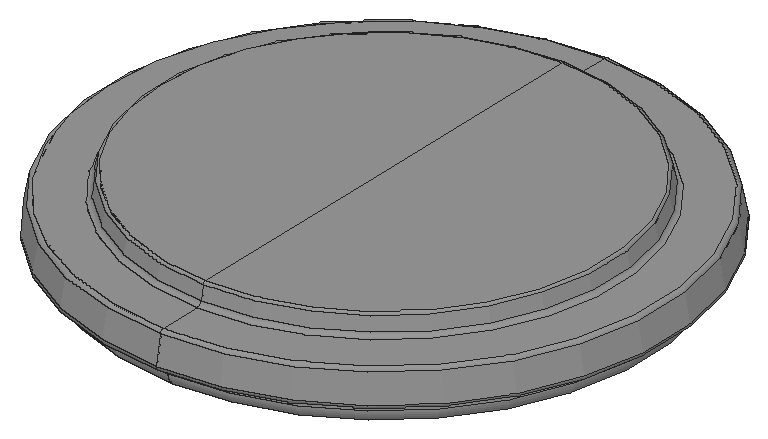
Revit family "FMK12_63_UN_Surface-mounted_ETK", category Lighting Fixtures, Revit 2017 (continued)
Definition of nested family "FMK.1 - Lightsource"
  Types (13, lengths in mm): name | Wattage Comments | Photometric Web File | built-in parameter 1150142 | Apparent Load
      3384\t405.5595\t405.017\t403.9123\t402.4111\t400.3595\t397.8451\t394.7084\t391.0909\t387.0552\r\n382.4227\t377.3501\t371.7125\t365.6289\t359.0797\t352.0101\t344.5153\t336.5336\t328.0834\t319.186\r\n310.0492\t300.3991\t290.6808\t280.0535\t269.1382\t257.6606\t245.9715\t234.0356\t221.994\t209.6474\r\n197.1639\t184.5242\t171.8904\t158.2648\t144.4077\t130.6839\t117.093\t103.3426\t89.5213\t76.4321\r\n62.9064\t50.3095\t38.9022\t28.6824\t0\t0\r\n405.3384\t405.5619\t405.0308\t404.1037\t402.4481\t400.3826\t397.8529\t394.7029\t391.0716\t386.9514\r\n382.295\t377.2986\t371.6562\t365.6032\t359.0556\t351.9937\t344.5103\t336.584\t328.1776\t319.3532\r\n310.0974\t300.3356\t290.3174\t279.8488\t269.1115\t258.1537\t246.5385\t234.5863\t222.1937\t209.6472\r\n196.9332\t184.0086\t170.9271\t157.807\t144.7993\t131.1715\t116.9912\t103.0076\t89.4388\t75.7848\r\n62.8691\t50.2334\t38.592\t27.1196\t0\t0\r\n405.3384\t405.5633\t405.0407\t404.1312\t402.6392\t400.4187\t397.881\t394.7292\t391.0895\t386.9644\r\n382.2746\t377.1648\t371.4996\t365.4693\t358.9878\t351.9131\t344.4464\t336.5353\t328.1318\t319.3478\r\n310.1011\t300.4485\t290.394\t279.9618\t269.1603\t257.9107\t246.3524\t234.5985\t222.4284\t210.1088\r\n197.3969\t184.1969\t170.8703\t157.4428\t143.9608\t130.43\t116.9468\t103.5478\t89.3098\t75.5778\r\n62.4619\t50.0702\t38.7502\t24.5387\t1.901\t0\r\n405.3384\t405.5636\t405.0466\t404.1492\t402.6681\t400.5955\t398.0664\t394.9307\t391.1454\t387.0248\r\n382.3139\t377.1828\t371.4901\t365.4554\t358.8567\t351.7264\t344.248\t336.3296\t327.9212\t319.2201\r\n309.9694\t300.3191\t290.2888\t279.8993\t269.135\t258.007\t246.5323\t234.736\t222.5462\t210.0919\r\n197.3723\t184.3271\t171.1345\t157.7225\t144.2137\t130.4595\t116.5463\t102.7293\t88.9906\t75.6756\r\n62.4842\t49.7099\t38.4108\t19.5388\t9.0852\t0\r\n405.3384\t405.5627\t405.0483\t404.1575\t402.6822\t400.6129\t398.0939\t394.9827\t391.3659\t387.2691\r\n382.55\t377.4142\t371.7081\t365.686\t358.9237\t351.7483\t344.2571\t336.3046\t327.8656\t319.0519\r\n309.7319\t300.073\t290.0393\t279.6352\t268.8689\t257.7186\t246.2608\t234.4573\t222.2884\t210.0107\r\n197.2602\t184.3582\t171.2221\t157.8358\t144.2992\t130.7043\t116.8944\t103.0094\t89.1137\t75.4482\r\n62.0725\t49.5077\t38.5681\t16.4085\t6.3848\t0\r\n405.3384\t405.5608\t405.0458\t404.1562\t402.6815\t400.6096\t398.0931\t394.9913\t391.3746\t387.2895\r\n382.5726\t377.4458\t371.7456\t365.7409\t359.116\t351.9176\t344.4382\t336.4672\t328.028\t319.2025\r\n309.8386\t300.1705\t290.1395\t279.7338\t268.942\t257.7639\t246.2815\t234.4244\t222.1929\t209.9028\r\n196.969\t184.0235\t170.8906\t157.4183\t143.9226\t130.2982\t116.5333\t102.7217\t88.9801\t75.3324\r\n62.0708\t49.4881\t37.8886\t16.6443\t6.3206\t4.5649\r\n405.3384\t405.5579\t405.0392\t404.1453\t402.6658\t400.5861\t398.064\t394.9565\t391.3223\t387.2272\r\n382.4989\t377.367\t371.656\t365.6345\t358.8616\t351.6754\t344.1767\t336.2087\t327.7721\t318.9511\r\n309.6246\t299.9461\t289.9153\t279.5013\t268.7141\t257.5244\t246.0492\t234.2476\t222.0584\t209.8057\r\n197.0631\t184.1389\t170.9819\t157.6062\t144.0805\t130.4305\t116.7655\t102.8872\t88.9857\t75.3165\r\n61.9974\t49.5022\t38.5004\t19.5133\t10.1573\t0\r\n405.3384\t405.5537\t405.0285\t404.1246\t402.6354\t400.5421\t398.006\t394.879\t391.057\t386.9398\r\n382.2102\t377.0886\t371.3854\t365.3521\t358.7336\t351.5762\t344.0881\t336.1427\t327.7345\t319.0228\r\n309.7484\t300.0828\t290.0448\t279.6173\t268.8275\t257.6208\t246.1171\t234.3028\t222.0743\t209.66\r\n196.8854\t183.8167\t170.5486\t157.0989\t143.5804\t129.9288\t116.1512\t102.4281\t88.8066\t75.5773\r\n62.493\t49.7093\t38.2595\t25.0307\t14.9589\t0\r\n405.3384\t405.5487\t405.0137\t404.0945\t402.5903\t400.3393\t397.7919\t394.6519\t390.9587\t386.8388\r\n382.1207\t377.0237\t371.3413\t365.3181\t358.8128\t351.6794\t344.2118\t336.2599\t327.8486\t319.0383\r\n309.7477\t300.0564\t289.9668\t279.4805\t268.6528\t257.2839\t245.7289\t233.9178\t221.7092\t209.3665\r\n196.5454\t183.3687\t170.0181\t156.5779\t143.1684\t129.7197\t116.3848\t103.1589\t88.9988\t75.3396\r\n62.3046\t50.0937\t38.8254\t28.0997\t2.873\t0\r\n405.3384\t405.5424\t404.9947\t404.055\t402.3835\t400.2776\t397.7298\t394.604\t390.8997\t386.7863\r\n382.0919\t377.1147\t371.4463\t365.407\t358.8101\t351.6735\t344.1847\t336.2129\t327.7678\t318.9134\r\n309.5687\t299.7567\t289.6031\t279.1338\t268.3599\t257.1899\t245.6509\t233.7994\t221.2737\t208.667\r\n195.8953\t182.9771\t169.8766\t156.7282\t143.8338\t130.2381\t116.1827\t102.4101\t88.9484\t75.4168\r\n62.7296\t50.3091\t39.1414\t29.704\t0\t0\r\n405.3384\t405.5351\t404.9716\t403.8532\t402.3311\t400.2301\t397.6855\t394.5908\t390.8787\t386.8617\r\n382.175\t377.112\t371.4367\t365.3594\t358.743\t351.6058\t344.0956\t336.0642\t327.5154\t318.5932\r\n309.2834\t299.6126\t289.6216\t279.1214\t268.1429\t256.518\t244.9018\t233.0679\t220.8676\t208.4546\r\n195.9224\t183.2678\t170.6349\t156.9081\t143.1149\t129.4264\t115.9638\t102.4748\t88.9243\t76.0325\r\n62.7599\t50.5163\t39.7576\t30.4051\t0\t0\r\n405.3384\t405.5268\t404.9446\t403.805\t402.2873\t400.1964\t397.6585\t394.6138\t390.9631\t386.846\r\n382.1518\t377.0764\t371.382\t365.2552\t358.5991\t351.4668\t343.8615\t335.8105\t327.4306\t318.7174\r\n309.3728\t299.5147\t288.9811\t278.3636\t267.4085\t256.1152\t244.6556\t232.9217\t220.9954\t208.7993\r\n196.6284\t183.2571\t169.7766\t156.2175\t142.8009\t129.5874\t115.8561\t102.4694\t89.5373\t75.801\r\n62.8374\t50.9146\t40.2047\t6.0894\t0\t0\r\n405.3384\t405.5175\t404.9137\t403.7611\t402.2519\t400.1761\t397.6486\t394.7553\t390.9488\t386.789\r\n382.1121\t377.0119\t371.2861\t365.1175\t358.3294\t351.2537\t343.813\t335.977\t327.5604\t318.4278\r\n308.6974\t298.7546\t288.5068\t277.9956\t267.1616\t256.1159\t244.8144\t233.2945\t221.7169\t208.8064\r\n195.7188\t182.5554\t169.3922\t156.2082\t142.9406\t129.1804\t115.9091\t102.9762\t89.1253\t75.8369\r\n63.1021\t51.3207\t40.5082\t0\t0\t0\r\n405.3384\t405.5071\t404.732\t403.7215\t402.2248\t400.1686\t397.7338\t394.8479\t390.8965\t386.7357\r\n382.0539\t376.9054\t371.1484\t364.8842\t358.2241\t351.4508\t343.9783\t335.7216\t326.8896\t317.6788\r\n308.2461\t298.3973\t288.3086\t277.939\t267.2925\t256.4485\t245.5245\t233.6216\t220.7985\t208.0817\r\n195.2276\t182.3754\t169.6036\t156.0708\t142.5048\t129.2499\t116.3261\t102.426\t89.0803\t75.9582\r\n63.4055\t51.6359\t45.2068\t0\t0\t0\r\n405.3384\t405.4958\t404.7008\t403.6862\t402.2055\t400.2642\t397.7241\t394.865\t390.8568\t386.6659\r\n381.976\t376.6726\t370.9429\t364.8366\t358.4087\t351.334\t343.5563\t334.9914\t326.3919\t317.3169\r\n308.0073\t298.2976\t288.3747\t278.1618\t267.7576\t257.0033\t244.8286\t232.6273\t220.2623\t207.8032\r\n195.2499\t182.6548\t169.1292\t155.7437\t142.619\t129.6789\t115.7028\t102.2394\t89.062\t76.0071\r\n63.5996\t51.8486\t11.6838\t0\t0\t0\r\n405.3384\t405.4834\t404.6711\t403.6553\t402.1936\t400.258\t397.6979\t394.8548\t390.809\t386.5801\r\n381.7953\t376.5628\t370.9021\t365.0558\t358.2517\t350.708\t342.8497\t334.6091\t326.0741\t317.1853\r\n307.9783\t298.4528\t288.6922\t278.8691\t267.9516\t256.0449\t244.1901\t232.1682\t220.074\t207.8676\r\n195.4583\t182.0264\t168.8523\t155.8456\t142.9997\t129.0282\t115.4645\t102.3448\t88.8812\t76.0111\r\n63.697\t51.9403\t0\t0\t0\t0\r\n405.3384\t405.4702\t404.6431\t403.6287\t402.2832\t400.2467\t397.6616\t394.8126\t390.7531\t386.4813\r\n381.7031\t376.5033\t371.0899\t364.866\t357.6417\t350.2384\t342.4952\t334.4178\t325.9215\t317.2094\r\n308.1434\t298.8419\t289.3001\t278.281\t266.9656\t255.5234\t243.8676\t232.0908\t220.4035\t207.9609\r\n194.7531\t181.8051\t168.927\t156.2326\t142.3126\t128.7065\t115.4865\t101.9757\t88.7309\t76.0048\r\n63.7421\t56.6766\t0\t0\t0\t0\r\n405.3384\t405.4561\t404.6167\t403.6076\t402.2769\t400.2274\t397.6166\t394.7349\t390.6867\t386.33\r\n381.656\t376.7279\t370.9169\t364.2502\t357.2389\t349.8681\t342.264\t334.3087\t325.9477\t317.3662\r\n308.4811\t299.3487\t288.5326\t277.6229\t266.5022\t255.2499\t243.8518\t232.5118\t220.0293\t207.2658\r\n194.5118\t181.8749\t169.3599\t155.551\t141.9034\t128.5853\t115.2093\t101.7082\t88.6305\t75.9892\r\n63.7506\t34.8823\t0\t0\t0\t0\r\n405.3384\t405.441\t404.5919\t403.5925\t402.2647\t400.2005\t397.5636\t394.6195\t390.511\t386.2918\r\n381.8682\t376.6329\t370.3868\t363.8318\t356.9304\t349.652\t342.1589\t334.2951\t326.1382\t317.7058\r\n308.9338\t298.5236\t287.9506\t277.1892\t266.2979\t255.2333\t244.3108\t232.0843\t219.5682\t206.9936\r\n194.5653\t182.2533\t168.7385\t155.1122\t141.7148\t128.5532\t114.8199\t101.4796\t88.5326\t75.9589\r\n63.7436\t0\t0\t0\t0\t0\r\n405.3384\t405.4251\t404.5685\t403.5817\t402.2465\t400.1668\t397.508\t394.4112\t390.4413\t386.2913\r\n381.8067\t376.4311\t370.0062\t363.505\t356.7156\t349.5603\t342.1638\t334.4401\t326.4674\t318.1326\r\n308.1103\t297.9214\t287.5762\t277.012\t266.3002\t255.6656\t243.832\t231.5923\t219.2864\t207.014\r\n194.9442\t181.7689\t168.1866\t154.8828\t141.8181\t128.0517\t114.4929\t101.2468\t88.4031\t75.8633\r\n69.485\t0\t0\t0\t0\t0\r\n405.3384\t405.2485\t404.5335\t403.6645\t402.2224\t400.1255\t397.475\t394.1709\t390.3989\t386.5385\r\n381.6223\t375.8443\t369.6864\t363.2614\t356.5777\t349.5494\t342.2587\t334.7322\t326.9154\t317.3685\r\n307.5367\t297.5489\t287.3558\t277.0195\t266.7127\t255.5088\t243.294\t231.2722\t219.2355\t207.2358\r\n194.7953\t181.1626\t167.9131\t154.7557\t141.4371\t127.7042\t114.2298\t101.0851\t88.2593\t75.7374\r\n52.566\t0\t0\t0\t0\t0\r\n405.3384\t405.2313\t404.5149\t403.6585\t402.1924\t400.0874\t397.4062\t394.0524\t390.3827\t386.4783\r\n381.347\t375.4965\t369.4174\t363.101\t356.5087\t349.625\t342.4702\t335.2626\t326.2434\t316.8153\r\n307.1624\t297.3178\t287.3215\t277.1874\t266.6991\t254.7569\t242.9726\t231.1253\t219.3601\t207.4539\r\n194.0571\t180.8106\t167.6988\t154.8237\t140.9526\t127.3463\t114.024\t100.9381\t88.1442\t75.6199\r\n8.3292\t0\t0\t0\t0\t0\r\n405.3384\t405.2143\t404.4979\t403.65\t402.1564\t400.0372\t397.3255\t393.9625\t390.6129\t386.3063\r\n380.8286\t375.1745\t369.2361\t363.0129\t356.5201\t349.7807\t343.0483\t335.0507\t325.7043\t316.3858\r\n306.914\t297.2339\t287.4377\t277.4576\t265.9553\t254.3844\t242.7811\t231.1938\t219.6917\t206.6946\r\n193.5598\t180.5774\t167.6861\t154.2617\t140.5223\t127.0588\t113.7914\t100.7972\t88.0366\t83.4326\r\n0\t0\t0\t0\t0\t0\r\n405.3384\t405.1978\t404.4825\t403.6384\t402.0911\t399.9817\t397.1408\t393.8852\t390.547\t386.0015\r\n380.5505\t374.9336\t369.1354\t362.9788\t356.6063\t350.0031\t343.0514\t334.2028\t325.2569\t316.0815\r\n306.771\t297.3248\t287.8218\t276.8308\t265.4808\t254.1562\t242.7619\t231.3645\t219.1669\t206.151\r\n193.2513\t180.4127\t167.6455\t153.7701\t140.1673\t126.7721\t113.5971\t100.6559\t87.9035\t73.2104\r\n0\t0\t0\t0\t0\t0\r\n405.3384\t405.1816\t404.4685\t403.6236\t402.0462\t399.9218\t397.0406\t393.8449\t390.4197\t385.4588\r\n380.303\t374.7523\t369.0481\t362.9941\t356.7556\t350.4899\t342.3766\t333.7323\t324.91\t315.93\r\n306.7423\t297.7012\t287.638\t276.3403\t265.2041\t254.0066\t242.8588\t231.5472\t218.5675\t205.791\r\n193.0312\t180.5339\t166.992\t153.2951\t139.8329\t126.5198\t113.4096\t100.488\t87.7644\t50.183\r\n0\t0\t0\t0\t0\t0\r\n405.3384\t405.1658\t404.4556\t403.605\t402.0047\t399.8587\t396.9678\t394.0484\t390.2485\t385.1764\r\n380.0833\t374.6292\t368.9744\t363.0772\t356.9562\t350.3807\t341.8775\t333.354\t324.6587\t315.8276\r\n306.8408\t297.6991\t286.865\t275.9921\t265.0466\t254.0282\t243.181\t230.8144\t218.1129\t205.4704\r\n192.95\t180.3241\t166.4787\t152.9016\t139.4897\t126.2465\t113.2069\t100.3244\t87.5932\t7.0091\r\n0\t0\t0\t0\t0\t0\r\n405.3384\t405.1736\t404.4436\t403.5723\t401.9608\t399.8075\t396.909\t394.0477\t390.0041\t384.9479\r\n379.8834\t374.551\t368.9703\t363.21\t357.4063\t349.6805\t341.4574\t333.0643\t324.521\t315.8139\r\n307.234\t297.0694\t286.4243\t275.712\t264.9568\t254.1683\t243.0001\t230.2308\t217.7563\t205.2779\r\n193.0318\t179.6139\t166.0256\t152.5274\t139.1851\t126.0071\t112.9942\t100.1243\t93.9816\t0\r\n0\t0\t0\t0\t0\t0\r\n405.3384\t405.1582\t404.4323\t403.5458\t401.9186\t399.7372\t396.864\t393.9692\t389.4676\t384.7303\r\n379.7002\t374.4837\t369.0179\t363.3474\t357.309\t349.2254\t341.1152\t332.8524\t324.4403\t315.899\r\n307.1158\t296.6023\t286.0655\t275.5201\t264.9227\t254.484\t242.2719\t229.8418\t217.4461\t205.1551\r\n192.8003\t179.0668\t165.548\t152.1467\t138.9029\t125.7703\t112.7705\t99.923\t81.4643\t0\r\n0\t0\t0\t0\t0\t0\r\n405.3384\t405.1427\t404.4215\t403.5172\t401.8789\t399.5738\t396.8307\t393.84\t389.2108\t384.5347\r\n379.5711\t374.4387\t369.0911\t363.8155\t356.9853\t348.8325\t340.836\t332.7132\t324.4347\t316.2659\r\n306.469\t296.1791\t285.8331\t275.4029\t264.9879\t254.1807\t241.7605\t229.4924\t217.282\t205.2627\r\n192.1131\t178.5645\t165.1154\t151.7836\t138.585\t125.5095\t112.5563\t99.7128\t60.9146\t0\r\n0\t0\t0\t0\t0\t0\r\n405.3384\t405.1268\t404.411\t403.4869\t401.8689\t399.5039\t396.8145\t393.6447\t388.9954\t384.3538\r\n379.4857\t374.4179\t369.1782\t363.8193\t356.2567\t348.5043\t340.6114\t332.606\t324.4985\t316.1813\r\n306.0112\t295.8319\t285.6355\t275.3934\t265.2495\t253.4097\t241.2878\t229.2124\t217.1097\t205.0994\r\n191.5675\t178.0818\t164.7012\t151.456\t138.2911\t125.2321\t112.3059\t99.4762\t16.2983\t0\r\n0\t0\t0\t0\t0\t0\r\n405.3384\t405.1108\t404.4903\t403.4555\t401.8237\t399.4103\t397.0305\t393.4442\t388.8336\t384.1754\r\n379.4075\t374.43\t369.2737\t363.6191\t355.8892\t348.234\t340.4491\t332.5491\t324.8276\t315.8567\r\n305.6102\t295.5819\t285.4934\t275.413\t265.0581\t252.9031\t240.9149\t228.9525\t217.0191\t204.6975\r\n191.0128\t177.6397\t164.3329\t151.1167\t137.9969\t124.9687\t112.062\t107.5917\t0.7007\t0\r\n0\t0\t0\t0\t0\t0\r\n405.3384\t405.0944\t404.4708\t403.4232\t401.771\t399.3535\t397.0169\t393.0022\t388.6496\t384.0408\r\n379.3374\t374.4627\t369.6852\t362.9627\t355.5698\t348.0061\t340.3388\t332.5584\t324.7942\t315.1398\r\n305.2951\t295.3698\t285.4247\t275.6825\t264.3367\t252.5037\t240.6145\t228.7679\t217.1002\t203.9238\r\n190.5367\t177.2097\t163.9532\t150.792\t137.717\t124.7302\t111.8063\t98.8725\t0\t0\r\n0\t0\t0\t0\t0\t0\r\n405.3384\t405.0776\t404.4545\t403.3908\t401.7101\t399.3099\t396.9567\t392.7976\t388.4495\t383.9609\r\n379.2847\t374.4998\t369.6843\t362.5741\t355.27\t347.8284\t340.249\t332.6102\t324.5858\t314.7295\r\n304.9935\t295.2193\t285.3785\t275.5735\t263.8563\t252.1042\t240.3755\t228.643\t216.8475\t203.3823\r\n190.0477\t176.7881\t163.6007\t150.4803\t137.4402\t124.4543\t111.5517\t85.0694\t0\t0\r\n0\t0\t0\t0\t0\t0\r\n405.3384\t405.0604\t404.4375\t403.3708\t401.6143\t399.2784\t396.8678\t392.6205\t388.286\t383.8712\r\n379.2482\t374.5384\t369.5416\t362.2694\t354.9882\t347.6747\t340.2311\t332.9204\t323.9709\t314.3815\r\n304.7666\t295.0886\t285.3921\t275.2484\t263.399\t251.7743\t240.1515\t228.5226\t216.4169\t202.8894\r\n189.6152\t176.4056\t163.2526\t150.1706\t137.1488\t124.1833\t111.2847\t67.3012\t0\t0\r\n0\t0\t0\t0\t0\t0\r\n405.3384\t405.0427\t404.4198\t403.3318\t401.5423\t399.2809\t396.7363\t392.489\t388.1443\t383.7593\r\n379.2585\t374.6007\t369.2833\t361.9708\t354.796\t347.5124\t340.2151\t332.8981\t323.5654\t314.0775\r\n304.5571\t295.0196\t285.6448\t274.5513\t263.0117\t251.4537\t239.942\t228.6113\t215.6596\t202.3901\r\n189.1856\t176.0419\t162.932\t149.883\t136.8857\t123.9284\t122.8764\t24.0819\t0\t0\r\n0\t0\t0\t0\t0\t0\r\n405.3384\t405.0244\t404.402\t403.293\t401.4733\t399.2445\t396.6121\t392.3366\t388.0271\t383.6686\r\n379.2507\t374.9702\t368.6448\t361.6732\t354.6081\t347.4237\t340.1562\t332.7313\t323.2268\t313.8119\r\n304.3844\t294.9379\t285.5233\t274.1363\t262.6612\t251.2131\t239.7592\t228.325\t215.0958\t201.9145\r\n188.7725\t175.6617\t162.5822\t149.5668\t136.5956\t123.6688\t120.5677\t9.957\t0\t0\r\n0\t0\t0\t0\t0\t0\r\n405.3384\t405.0054\t404.384\t403.2512\t401.3208\t399.1951\t396.4819\t392.1762\t387.9514\t383.5908\r\n379.2078\t374.9606\t368.3521\t361.3828\t354.4067\t347.3472\t340.1951\t332.3855\t322.9143\t313.5971\r\n304.2281\t294.8631\t285.2223\t273.7182\t262.3605\t251.0007\t239.6319\t227.9627\t214.5968\t201.4525\r\n188.3381\t175.2686\t162.2411\t149.2486\t136.2977\t123.3792\t114.9625\t0\t0\t0\r\n0\t0\t0\t0\t0\t0\r\n405.3384\t404.9858\t404.3663\t403.2062\t401.2807\t399.3352\t396.3671\t391.9995\t387.8556\t383.5414\r\n379.1954\t374.8369\t368.0781\t361.1669\t354.2081\t347.2392\t340.4601\t331.7946\t322.572\t313.375\r\n304.1344\t294.8515\t284.8364\t273.3137\t262.0496\t250.7828\t239.7394\t227.2719\t214.143\t201.0284\r\n187.957\t174.9188\t161.9031\t148.9358\t135.9942\t123.0935\t106.9167\t0\t0\t0\r\n0\t0\t0\t0\t0\t0\r\n405.3384\t404.9657\t404.3491\t403.137\t401.2259\t399.2718\t396.1988\t391.8626\t387.7249\t383.5318\r\n379.2046\t374.674\t367.8035\t360.9786\t354.0767\t347.1349\t340.3019\t331.4341\t322.3187\t313.1475\r\n303.9869\t295.0203\t284.1943\t272.9865\t261.7665\t250.5691\t239.5527\t226.7795\t213.6915\t200.6354\r\n187.5885\t174.5759\t161.5912\t148.6211\t135.6938\t122.7886\t97.1013\t0\t0\t0\r\n0\t0\t0\t0\t0\t0\r\n405.3384\t404.9447\t404.3643\t403.0908\t401.1696\t399.2115\t395.7381\t391.7602\t387.6137\t383.4745\r\n379.2433\t374.4878\t367.536\t360.7869\t353.9653\t347.0886\t340.1271\t331.0609\t322.0462\t312.9846\r\n303.8666\t294.8288\t283.7883\t272.6681\t261.5277\t250.3816\t239.2929\t226.2978\t213.2501\t200.2267\r\n187.218\t174.2303\t161.2676\t148.3254\t135.4154\t122.514\t86.1249\t0\t0\t0\r\n0\t0\t0\t0\t0\t0\r\n405.3384\t404.9229\t404.3466\t403.048\t401.1114\t399.1739\t395.5625\t391.6161\t387.5292\t383.3775\r\n379.2387\t374.3121\t367.2962\t360.5925\t353.8461\t347.0574\t339.9336\t330.7756\t321.7646\t312.7595\r\n303.7724\t294.6075\t283.4083\t272.337\t261.2567\t250.1906\t238.9891\t225.8589\t212.8415\t199.8294\r\n186.8583\t173.8966\t160.9568\t148.0252\t135.1175\t122.2164\t74.5102\t0\t0\t0\r\n0\t0\t0\t0\t0\t0\r\n405.3384\t404.9005\t404.3255\t403.009\t401.0339\t399.1156\t395.4146\t391.4309\t387.4243\t383.3208\r\n379.4976\t373.7544\t367.1078\t360.4023\t353.7011\t347.0017\t339.7099\t330.5052\t321.5623\t312.5965\r\n303.6305\t294.2656\t283.057\t272.0629\t261.0319\t250.0033\t238.6069\t225.4043\t212.4214\t199.4582\r\n186.5098\t173.5796\t160.6474\t147.7264\t134.8117\t134.8645\t35.7949\t0\t0\t0\r\n0\t0\t0\t0\t0\t0\r\n405.3384\t404.8772\t404.301\t402.9743\t400.978\t399.0523\t395.3086\t391.2952\t387.2858\t383.248\r\n379.4366\t373.4825\t366.884\t360.2677\t353.5976\t347.1681\t339.3917\t330.259\t321.3543\t312.4464\r\n303.5241\t293.9556\t282.7
